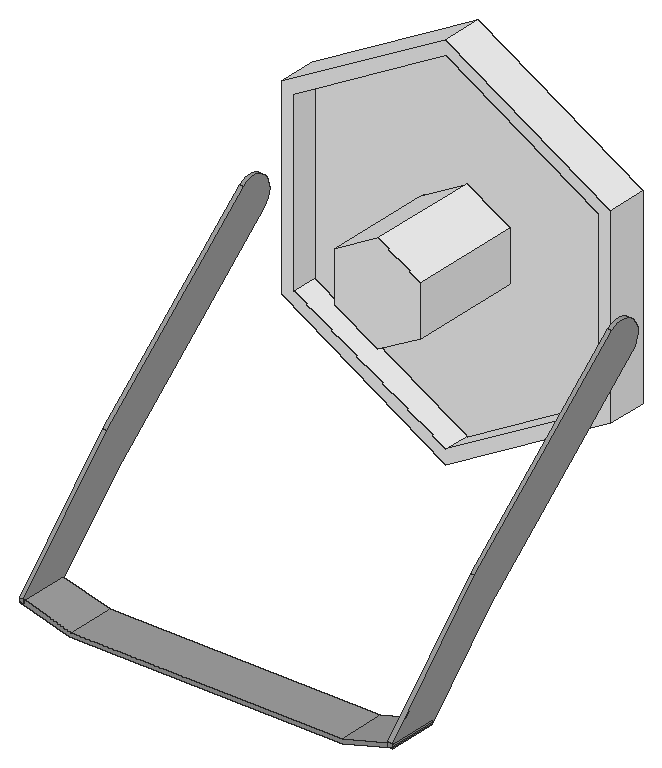
Revit family "Lighting-Floodlights-GEWISS-ESALITE-FL-LED_16K_DALI", category Apparecchi per illuminazione, host Superficie, Revit 2019 (continued)
Types (12, lengths in mm): name | Versions | Technical sheet | Optic | Numero poli | Nominal flux (lm) | built-in parameter 1150142 | Modello | Lumen output (lm) | IDT | File diagramma fotometrico | Descrizione | Colour temperature:
  GWS6433GD - ESALITE 16K 60° 4000K PRO+V.GR.DALI | "4000K natural light" | "https://www.gewiss.com/ww/en/search?q=GWS6433GD" | "60°" | 1 | "17000" | "IESNA:LM-63-2002\r\n[TEST] GWS6433GD\r\n[TESTLAB] GEWISS\r\n[TESTDATE] 31 Aug 2018\r\n[ISSUEDATE] 31 Aug 2018\r\n[MANUFAC] GEWISS\r\n[LUMCAT] GWS6433GD\r\n[LUMINAIRE] ESALITE FL 16K+GLAS 60° GR. DALI LED840\r\n[FLASHAREA] 0.030706\r\n[LAMPCAT] LED 125W/4000K - 13600lm\r\n[LAMP] LED 125W/4000K - 13600lm\r\nTILT=NONE\r\n1 13600.00 1.0 39 19 1 2 -0.402 -0.402 0.000\r\n1.00 1.00 125.00\r\n0.00 1.00 2.00 3.00 4.00 5.00 6.00 7.00 8.00 9.00 10.00 \r\n11.00 12.00 13.00 14.00 15.00 16.00 17.00 18.00 19.00 \r\n20.00 22.50 25.00 27.50 30.00 32.50 35.00 37.50 40.00 \r\n45.00 50.00 55.00 60.00 65.00 70.00 75.00 80.00 85.00 \r\n90.00 \r\n0.00 5.00 10.00 15.00 20.00 25.00 30.00 35.00 40.00 45.00 \r\n50.00 55.00 60.00 65.00 70.00 75.00 80.00 85.00 90.00 \r\n9824.50 9811.31 9775.82 9737.46 9736.10 9797.03 9927.59 \r\n10102.35 10290.58 10508.31 10734.89 10971.80 11198.24 \r\n11442.63 11685.39 11947.46 12227.35 12526.55 12870.09 \r\n13225.32 13531.59 13220.29 10438.00 6342.50 4095.37 \r\n2605.90 1570.66 1406.10 1362.99 1258.22 1096.65 1009.72 \r\n915.21 822.79 712.29 748.44 533.35 122.09 3.43 \r\n9824.50 9812.94 9777.72 9740.46 9736.92 9799.48 9931.13 \r\n10105.34 10294.11 10515.38 10744.41 10982.41 11207.76 \r\n11450.11 11693.82 11956.71 12240.27 12541.38 12885.05 \r\n13241.91 13548.59 13225.73 10418.01 6313.12 4082.86 \r\n2589.98 1559.51 1396.18 1351.64 1230.15 1074.41 1001.86 \r\n909.36 816.37 707.27 743.63 536.74 123.80 3.41 \r\n9824.50 9812.13 9778.26 9740.05 9738.69 9800.43 9930.58 \r\n10105.62 10297.38 10514.98 10747.26 10983.90 11210.34 \r\n11452.97 11697.63 11960.79 12243.81 12546.68 12889.26 \r\n13248.58 13558.79 13245.31 10441.67 6334.34 4090.88 \r\n2603.18 1562.10 1398.08 1354.27 1228.30 1071.60 1001.84 \r\n910.10 816.90 706.48 738.62 541.01 111.62 3.39 \r\n9824.50 9810.50 9778.54 9738.28 9736.10 9797.17 9925.14 \r\n10100.58 10291.80 10511.98 10742.50 10979.69 11205.04 \r\n11445.90 11689.88 11950.18 12234.29 12535.39 12878.25 \r\n13238.24 13550.50 13241.50 10433.24 6331.07 4095.64 \r\n2613.51 1569.17 1405.42 1363.26 1238.69 1082.74 1009.77 \r\n917.33 821.47 705.89 721.17 514.68 113.75 3.41 \r\n9824.50 9811.99 9779.62 9741.27 9739.64 9802.06 9931.40 \r\n10108.47 10300.37 10521.78 10754.06 10987.98 11213.06 \r\n11453.51 11696.95 11956.44 12239.59 12541.10 12883.69 \r\n13248.58 13566.41 13250.62 10419.37 6321.69 4095.91 \r\n2609.43 1561.82 1399.03 1362.31 1271.18 1102.17 1017.52 \r\n908.70 817.31 700.32 693.68 450.51 98.94 3.30 \r\n9824.50 9809.14 9775.82 9737.33 9733.79 9795.54 9922.70 \r\n10098.00 10291.66 10512.12 10742.91 10975.88 11200.69 \r\n11439.50 11682.13 11939.58 12221.50 12524.24 12869.95 \r\n13238.65 13559.47 13255.65 10428.75 6337.19 4108.02 \r\n2620.72 1571.34 1407.74 1374.14 1297.52 1119.17 1025.66 \r\n910.71 822.68 699.57 686.00 436.93 77.67 3.27 \r\n9824.50 9812.67 9778.67 9740.86 9737.19 9798.39 9927.59 \r\n10102.62 10296.97 10518.65 10749.17 10982.82 11207.49 \r\n11444.67 11684.17 11939.85 12222.18 12528.86 12875.39 \r\n13244.22 13566.68 13255.10 10414.20 6329.44 4101.08 \r\n2616.23 1566.99 1404.34 1369.66 1272.09 1104.46 1019.93 \r\n907.54 819.24 696.21 684.50 444.39 76.39 3.15 \r\n9824.50 9813.62 9781.12 9742.77 9738.55 9801.11 9931.81 \r\n10109.97 10305.13 10528.30 10758.01 10992.88 11215.92 \r\n11450.79 11690.15 11944.34 12228.30 12532.94 12883.42 \r\n13253.06 13575.66 13263.94 10413.52 6333.25 4106.25 \r\n2614.19 1566.31 1405.70 1374.42 1299.89 1121.22 1023.55 \r\n908.56 822.17 698.75 688.54 443.81 76.80 3.09 \r\n9824.50 9812.67 9777.99 9739.50 9734.34 9797.85 9930.18 \r\n10107.52 10307.17 10528.85 10761.00 10996.82 11218.50 \r\n11450.66 11687.16 11939.98 12223.00 12531.18 12880.15 \r\n13254.15 13582.46 13273.60 10421.14 6341.00 4114.82 \r\n2610.52 1561.42 1401.48 1368.43 1277.96 1107.73 1019.03 \r\n908.30 819.98 703.34 697.35 461.14 93.94 2.93 \r\n9824.50 9815.80 9781.26 9743.04 9738.01 9800.98 9932.35 \r\n10114.46 10314.92 10537.42 10770.93 11004.44 11224.62 \r\n11455.82 11689.34 11939.03 12221.91 12528.32 12877.43 \r\n13249.39 13575.93 13264.08 10400.33 6323.46 4114.14 \r\n2607.66 1556.93 1398.22 1359.77 1233.76 1077.56 1000.66 \r\n907.81 817.47 706.71 724.77 507.58 112.37 2.78 \r\n9824.50 9815.66 9783.02 9742.22 9738.42 9801.38 9936.43 \r\n10119.62 10321.31 10549.11 10785.75 11018.72 11239.86 \r\n11469.97 11702.12 11952.22 12236.33 12542.06 12892.94 \r\n13267.75 13594.97 13280.94 10405.90 6325.90 4128.82 \r\n2616.91 1564.41 1405.83 1365.98 1235.48 1078.83 1003.90 \r\n909.08 819.45 713.51 746.93 541.61 108.39 2.63 \r\n9824.50 9815.66 9779.49 9740.18 9735.15 9798.94 9933.98 \r\n10118.54 10322.26 10553.46 10789.70 11022.26 11244.48 \r\n11474.73 11707.29 11954.67 12237.69 12542.19 12892.53 \r\n13267.34 13595.24 13283.66 10412.30 6334.74 4137.39 \r\n2619.63 1563.59 1405.70 1366.12 1238.13 1082.00 1004.96 \r\n908.51 818.50 713.36 749.31 536.11 119.89 2.42 \r\n9824.50 9814.17 9779.49 9739.50 9732.70 9796.08 9931.67 \r\n10117.45 10323.35 10553.46 10791.06 11023.62 11245.02 \r\n11473.10 11704.84 11949.78 12229.53 12533.49 12884.78 \r\n13263.40 13594.15 13261.22 10381.83 6309.18 4135.35 \r\n2610.52 1558.15 1401.62 1364.76 1257.01 1094.45 1001.99 \r\n904.90 817.32 712.94 752.23 526.01 117.35 2.19 \r\n9824.50 9814.30 9780.98 9741.14 9734.61 9801.93 9938.06 \r\n10123.57 10332.06 10563.26 10801.26 11036.13 11257.13 \r\n11485.47 11717.49 11966.50 12245.85 12550.35 12904.22 \r\n13286.93 13620.40 13273.19 10393.12 6315.57 4146.64 \r\n2609.70 1555.84 1400.26 1361.36 1235.98 1077.70 998.35 \r\n904.56 815.28 711.80 747.02 536.08 118.72 1.98 \r\n9824.50 9814.30 9780.44 9739.10 9734.06 9799.07 9933.58 \r\n10123.30 10330.70 10563.12 10803.70 11038.98 11259.58 \r\n11488.33 11717.76 11964.19 12243.13 12546.41 12902.05 \r\n13284.21 13620.40 13275.64 10395.43 6311.22 4150.45 \r\n2603.18 1547.27 1393.73 1354.34 1232.00 1072.96 996.21 \r\n904.11 814.67 710.30 742.34 544.98 107.97 1.73 \r\n9824.50 9812.67 9779.49 9736.65 9731.48 9796.49 9933.85 \r\n10124.52 10332.74 10566.93 10806.15 11044.70 11266.24 \r\n11497.44 11727.82 11977.38 12256.59 12557.97 12919.86 \r\n13306.10 13642.16 13296.86 10419.50 6329.58 4170.30 \r\n2611.74 1544.55 1391.14 1350.78 1235.72 1076.09 996.99 \r\n904.89 815.31 703.87 720.64 508.60 112.50 1.51 \r\n9824.50 9814.98 9780.30 9735.42 9731.75 9797.58 9934.80 \r\n10124.38 10333.82 10566.79 10804.93 11042.25 11262.02 \r\n11490.50 11719.80 11971.26 12253.60 12558.24 12917.28 \r\n13299.17 13631.28 13270.74 10395.98 6312.71 4174.11 \r\n2607.26 1537.21 1387.47 1353.19 1279.11 1100.99 1013.24 \r\n901.98 818.42 700.01 690.10 478.12 93.60 1.32 \r\n9824.50 9817.16 9782.34 9737.87 9734.88 9801.38 9936.16 \r\n10128.60 10337.22 10573.46 10811.05 11049.46 11267.87 \r\n11496.62 11727.69 11978.61 12259.18 12565.72 12924.08 \r\n13309.10 13640.80 13284.07 10409.85 6319.65 4180.64 \r\n2610.52 1539.11 1390.46 1358.52 1302.92 1117.89 1019.84 \r\n901.61 821.51 700.48 683.66 463.46 77.28 1.20 \r\n9824.50 9815.53 9781.12 9734.74 9731.62 9795.81 9933.30 \r\n10124.79 10335.73 10570.74 10808.74 11046.74 11263.66 \r\n11492.68 11723.20 11974.66 12256.05 12559.87 12919.05 \r\n13305.15 13638.08 13284.34 10430.38 6337.19 4189.07 \r\n2616.37 1545.91 1396.86 1364.08 1277.79 1110.58 1020.03 \r\n906.44 822.19 697.23 676.06 431.90 78.22 1.16 \r\n" | "GWS6433GD" | "13600" | "630c9dfd58154fe886bbf92aa9618dce" | "GWS6433GD.IES" | "ESALITE 16K 60° 4000K PRO+V.GR.DALI" | "4000 K (CRI>80)"
  GWS6433GD30K - ESALITE 16K 60° 3000K PRO+V.GR.DALI | "3000K warm light" | "https://www.gewiss.com/ww/en/search?q=GWS6433GD30K" | "60°" | 1 | "16000" | "IESNA:LM-63-2002\r\n[TEST] GWS6433GD30K\r\n[TESTLAB] GEWISS\r\n[TESTDATE] 31 Aug 2018\r\n[ISSUEDATE] 31 Aug 2018\r\n[MANUFAC] GEWISS\r\n[LUMCAT] GWS6433GD30K\r\n[LUMINAIRE] ESALITE FL 16K+GLAS 60° GR. DALI LED830\r\n[FLASHAREA] 0.030706\r\n[LAMPCAT] LED 125W/3000K - 12600lm\r\n[LAMP] LED 125W/3000K - 12600lm\r\nTILT=NONE\r\n1 12600.00 1.0 39 19 1 2 -0.402 -0.402 0.000\r\n1.00 1.00 125.00\r\n0.00 1.00 2.00 3.00 4.00 5.00 6.00 7.00 8.00 9.00 10.00 \r\n11.00 12.00 13.00 14.00 15.00 16.00 17.00 18.00 19.00 \r\n20.00 22.50 25.00 27.50 30.00 32.50 35.00 37.50 40.00 \r\n45.00 50.00 55.00 60.00 65.00 70.00 75.00 80.00 85.00 \r\n90.00 \r\n0.00 5.00 10.00 15.00 20.00 25.00 30.00 35.00 40.00 45.00 \r\n50.00 55.00 60.00 65.00 70.00 75.00 80.00 85.00 90.00 \r\n9102.11 9089.89 9057.01 9021.47 9020.21 9076.66 9197.62 \r\n9359.53 9533.92 9735.64 9945.56 10165.05 10374.84 \r\n10601.26 10826.17 11068.97 11328.28 11605.48 11923.76 \r\n12252.87 12536.62 12248.21 9670.50 5876.14 3794.24 \r\n2414.29 1455.17 1302.71 1262.77 1165.70 1016.01 935.47 \r\n847.92 762.29 659.91 693.40 494.13 113.11 3.18 \r\n9102.11 9091.40 9058.77 9024.25 9020.97 9078.93 9200.90 \r\n9362.30 9537.19 9742.19 9954.38 10174.88 10383.66 \r\n10608.19 10833.98 11077.54 11340.25 11619.22 11937.62 \r\n12268.24 12552.37 12253.25 9651.98 5848.92 3782.65 \r\n2399.54 1444.84 1293.52 1252.25 1139.70 995.41 928.19 \r\n842.50 756.34 655.26 688.96 497.27 114.70 3.16 \r\n9102.11 9090.65 9059.27 9023.87 9022.61 9079.81 9200.39 \r\n9362.56 9540.22 9741.82 9957.02 10176.26 10386.05 \r\n10610.84 10837.51 11081.32 11343.53 11624.13 11941.52 \r\n12274.42 12561.82 12271.39 9673.90 5868.58 3790.08 \r\n2411.77 1447.24 1295.28 1254.70 1137.98 992.80 928.18 \r\n843.18 756.83 654.53 684.31 501.23 103.41 3.14 \r\n9102.11 9089.14 9059.53 9022.23 9020.21 9076.79 9195.35 \r\n9357.89 9535.05 9739.04 9952.61 10172.36 10381.14 \r\n10604.29 10830.33 11071.49 11334.71 11613.67 11931.32 \r\n12264.84 12554.14 12267.86 9666.09 5865.55 3794.49 \r\n2421.34 1453.79 1302.08 1263.02 1147.61 1003.12 935.52 \r\n849.88 761.07 653.99 668.14 476.83 105.39 3.16 \r\n9102.11 9090.52 9060.53 9025.00 9023.49 9081.32 9201.15 \r\n9365.20 9542.99 9748.12 9963.32 10180.04 10388.57 \r\n10611.34 10836.88 11077.29 11339.62 11618.96 11936.36 \r\n12274.42 12568.88 12276.31 9653.24 5856.86 3794.74 \r\n2417.56 1446.98 1296.16 1262.14 1177.71 1021.13 942.71 \r\n841.88 757.21 648.82 642.68 417.39 91.66 3.06 \r\n9102.11 9087.88 9057.01 9021.35 9018.07 9075.28 9193.09 \r\n9355.50 9534.92 9739.17 9952.99 10168.83 10377.11 \r\n10598.36 10823.15 11061.67 11322.86 11603.34 11923.63 \r\n12265.22 12562.45 12280.97 9661.93 5871.22 3805.96 \r\n2428.02 1455.80 1304.23 1273.10 1202.12 1036.88 950.24 \r\n843.75 762.19 648.13 635.56 404.80 71.96 3.03 \r\n9102.11 9091.15 9059.65 9024.62 9021.22 9077.92 9197.62 \r\n9359.78 9539.84 9745.22 9958.79 10175.26 10383.41 \r\n10603.15 10825.04 11061.92 11323.49 11607.62 11928.67 \r\n12270.38 12569.13 12280.46 9648.45 5864.04 3799.53 \r\n2423.86 1451.77 1301.08 1268.95 1178.55 1023.25 944.94 \r\n840.81 759.00 645.02 634.17 411.72 70.77 2.92 \r\n9102.11 9092.03 9061.92 9026.39 9022.48 9080.44 9201.53 \r\n9366.59 9547.40 9754.16 9966.98 10184.58 10391.22 \r\n10608.82 10830.58 11066.08 11329.16 11611.40 11936.11 \r\n12278.57 12577.45 12288.65 9647.82 5867.57 3804.32 \r\n2421.97 1451.14 1302.34 1273.36 1204.31 1038.78 948.29 \r\n841.76 761.72 647.38 637.91 411.18 71.15 2.87 \r\n9102.11 9091.15 9059.02 9023.36 9018.58 9077.42 9200.02 \r\n9364.32 9549.29 9754.67 9969.75 10188.23 10393.61 \r\n10608.70 10827.81 11062.04 11324.25 11609.77 11933.08 \r\n12279.58 12583.75 12297.60 9654.88 5874.75 3812.26 \r\n2418.57 1446.61 1298.43 1267.81 1184.00 1026.28 944.11 \r\n841.52 759.69 651.62 646.08 427.23 87.04 2.72 \r\n9102.11 9094.05 9062.05 9026.64 9021.98 9080.32 9202.03 \r\n9370.75 9556.47 9762.61 9978.95 10195.29 10399.28 \r\n10613.48 10829.83 11061.16 11323.24 11607.12 11930.56 \r\n12275.17 12577.70 12288.78 9635.60 5858.50 3811.63 \r\n2415.92 1442.45 1295.41 1259.79 1143.05 998.32 927.08 \r\n841.06 757.36 654.75 671.48 470.26 104.11 2.58 \r\n9102.11 9093.92 9063.68 9025.88 9022.36 9080.69 9205.81 \r\n9375.53 9562.39 9773.44 9992.68 10208.52 10413.40 \r\n10626.59 10841.67 11073.38 11336.60 11619.85 11944.93 \r\n12292.18 12595.34 12304.40 9640.76 5860.76 3825.23 \r\n2424.49 1449.38 1302.46 1265.54 1144.63 999.51 930.08 \r\n842.23 759.20 661.05 692.00 501.78 100.42 2.43 \r\n9102.11 9093.92 9060.41 9023.99 9019.33 9078.43 9203.54 \r\n9374.53 9563.27 9777.47 9996.34 10211.80 10417.68 \r\n10631.00 10846.46 11075.65 11337.86 11619.97 11944.55 \r\n12291.80 12595.59 12306.92 9646.69 5868.95 3833.17 \r\n2427.01 1448.62 1302.34 1265.67 1147.09 1002.44 931.06 \r\n841.71 758.32 660.91 694.21 496.69 111.08 2.24 \r\n9102.11 9092.54 9060.41 9023.36 9017.06 9075.78 9201.40 \r\n9373.52 9564.28 9777.47 9997.60 10213.06 10418.18 \r\n10629.49 10844.19 11071.12 11330.30 11611.91 11937.37 \r\n12288.15 12594.58 12286.13 9618.46 5845.27 3831.28 \r\n2418.57 1443.58 1298.56 1264.41 1164.58 1013.97 928.32 \r\n838.37 757.22 660.52 696.92 487.33 108.72 2.03 \r\n9102.11 9092.66 9061.79 9024.88 9018.83 9081.20 9207.32 \r\n9379.19 9572.35 9786.55 10007.05 10224.65 10429.40 \r\n10640.95 10855.91 11086.61 11345.42 11627.53 11955.38 \r\n12309.95 12618.90 12297.22 9628.92 5851.19 3841.74 \r\n2417.81 1441.44 1297.30 1261.26 1145.10 998.46 924.94 \r\n838.05 755.33 659.46 692.09 496.67 109.99 1.83 \r\n9102.11 9092.66 9061.29 9022.99 9018.32 9078.55 9203.17 \r\n9378.94 9571.09 9786.42 10009.31 10227.29 10431.67 \r\n10643.60 10856.16 11084.47 11342.90 11623.88 11953.37 \r\n12307.43 12618.90 12299.49 9631.06 5847.16 3845.27 \r\n2411.77 1433.50 1291.25 1254.76 1141.41 994.06 922.96 \r\n837.64 754.77 658.07 687.76 504.91 100.03 1.61 \r\n9102.11 9091.15 9060.41 9020.72 9015.93 9076.16 9203.42 \r\n9380.07 9572.98 9789.95 10011.58 10232.59 10437.84 \r\n10652.04 10865.48 11096.69 11355.37 11634.59 11969.87 \r\n12327.71 12639.06 12319.15 9653.36 5864.17 3863.66 \r\n2419.70 1430.98 1288.85 1251.46 1144.86 996.96 923.68 \r\n838.35 755.36 652.11 667.65 471.20 104.22 1.40 \r\n9102.11 9093.29 9061.16 9019.58 9016.18 9077.17 9204.30 \r\n9379.94 9573.98 9789.82 10010.45 10230.32 10433.93 \r\n10645.61 10858.05 11091.02 11352.60 11634.84 11967.48 \r\n12321.29 12628.98 12294.95 9631.57 5848.54 3867.19 \r\n2415.55 1424.18 1285.45 1253.69 1185.06 1020.03 938.74 \r\n835.66 758.24 648.53 639.36 442.97 86.71 1.23 \r\n9102.11 9095.31 9063.05 9021.85 9019.08 9080.69 9205.56 \r\n9383.85 9577.13 9796.00 10016.12 10237.00 10439.35 \r\n10651.28 10865.36 11097.83 11357.77 11641.77 11973.78 \r\n12330.49 12637.80 12307.30 9644.42 5854.97 3873.24 \r\n2418.57 1425.94 1288.22 1258.63 1207.12 1035.69 944.85 \r\n835.32 761.10 648.98 633.39 429.38 71.60 1.11 \r\n9102.11 9093.80 9061.92 9018.95 9016.06 9075.53 9202.91 \r\n9380.32 9575.75 9793.48 10013.98 10234.48 10435.45 \r\n10647.63 10861.20 11094.17 11354.87 11636.35 11969.12 \r\n12326.83 12635.28 12307.55 9663.44 5871.22 3881.05 \r\n2423.99 1432.24 1294.15 1263.78 1183.83 1028.92 945.03 \r\n839.79 761.73 645.96 626.35 400.14 72.47 1.08 \r\n" | "GWS6433GD30K" | "12600" | "bf884d5471ea4052a9ba9a0593ca3d0e" | "GWS6433GD30K.IES" | "ESALITE 16K 60° 3000K PRO+V.GR.DALI" | "3000 K (CRI>80)"
  GWS6433GD57K - ESALITE 16K 60° 5700K PRO+V.GR.DALI | "5700K cold light" | "https://www.gewiss.com/ww/en/search?q=GWS6433GD57K" | "60°" | 1 | "17000" | "IESNA:LM-63-2002\r\n[TEST] GWS6433GD57K\r\n[TESTLAB] GEWISS\r\n[TESTDATE] 31 Aug 2018\r\n[ISSUEDATE] 31 Aug 2018\r\n[MANUFAC] GEWISS\r\n[LUMCAT] GWS6433GD57K\r\n[LUMINAIRE] ESALITE FL 16K+GLAS 60° GR. DALI LED857\r\n[FLASHAREA] 0.030706\r\n[LAMPCAT] LED 125W/5700K - 13600lm\r\n[LAMP] LED 125W/5700K - 13600lm\r\nTILT=NONE\r\n1 13600.00 1.0 39 19 1 2 -0.402 -0.402 0.000\r\n1.00 1.00 125.00\r\n0.00 1.00 2.00 3.00 4.00 5.00 6.00 7.00 8.00 9.00 10.00 \r\n11.00 12.00 13.00 14.00 15.00 16.00 17.00 18.00 19.00 \r\n20.00 22.50 25.00 27.50 30.00 32.50 35.00 37.50 40.00 \r\n45.00 50.00 55.00 60.00 65.00 70.00 75.00 80.00 85.00 \r\n90.00 \r\n0.00 5.00 10.00 15.00 20.00 25.00 30.00 35.00 40.00 45.00 \r\n50.00 55.00 60.00 65.00 70.00 75.00 80.00 85.00 90.00 \r\n9824.50 9811.31 9775.82 9737.46 9736.10 9797.03 9927.59 \r\n10102.35 10290.58 10508.31 10734.89 10971.80 11198.24 \r\n11442.63 11685.39 11947.46 12227.35 12526.55 12870.09 \r\n13225.32 13531.59 13220.29 10438.00 6342.50 4095.37 \r\n2605.90 1570.66 1406.10 1362.99 1258.22 1096.65 1009.72 \r\n915.21 822.79 712.29 748.44 533.35 122.09 3.43 \r\n9824.50 9812.94 9777.72 9740.46 9736.92 9799.48 9931.13 \r\n10105.34 10294.11 10515.38 10744.41 10982.41 11207.76 \r\n11450.11 11693.82 11956.71 12240.27 12541.38 12885.05 \r\n13241.91 13548.59 13225.73 10418.01 6313.12 4082.86 \r\n2589.98 1559.51 1396.18 1351.64 1230.15 1074.41 1001.86 \r\n909.36 816.37 707.27 743.63 536.74 123.80 3.41 \r\n9824.50 9812.13 9778.26 9740.05 9738.69 9800.43 9930.58 \r\n10105.62 10297.38 10514.98 10747.26 10983.90 11210.34 \r\n11452.97 11697.63 11960.79 12243.81 12546.68 12889.26 \r\n13248.58 13558.79 13245.31 10441.67 6334.34 4090.88 \r\n2603.18 1562.10 1398.08 1354.27 1228.30 1071.60 1001.84 \r\n910.10 816.90 706.48 738.62 541.01 111.62 3.39 \r\n9824.50 9810.50 9778.54 9738.28 9736.10 9797.17 9925.14 \r\n10100.58 10291.80 10511.98 10742.50 10979.69 11205.04 \r\n11445.90 11689.88 11950.18 12234.29 12535.39 12878.25 \r\n13238.24 13550.50 13241.50 10433.24 6331.07 4095.64 \r\n2613.51 1569.17 1405.42 1363.26 1238.69 1082.74 1009.77 \r\n917.33 821.47 705.89 721.17 514.68 113.75 3.41 \r\n9824.50 9811.99 9779.62 9741.27 9739.64 9802.06 9931.40 \r\n10108.47 10300.37 10521.78 10754.06 10987.98 11213.06 \r\n11453.51 11696.95 11956.44 12239.59 12541.10 12883.69 \r\n13248.58 13566.41 13250.62 10419.37 6321.69 4095.91 \r\n2609.43 1561.82 1399.03 1362.31 1271.18 1102.17 1017.52 \r\n908.70 817.31 700.32 693.68 450.51 98.94 3.30 \r\n9824.50 9809.14 9775.82 9737.33 9733.79 9795.54 9922.70 \r\n10098.00 10291.66 10512.12 10742.91 10975.88 11200.69 \r\n11439.50 11682.13 11939.58 12221.50 12524.24 12869.95 \r\n13238.65 13559.47 13255.65 10428.75 6337.19 4108.02 \r\n2620.72 1571.34 1407.74 1374.14 1297.52 1119.17 1025.66 \r\n910.71 822.68 699.57 686.00 436.93 77.67 3.27 \r\n9824.50 9812.67 9778.67 9740.86 9737.19 9798.39 9927.59 \r\n10102.62 10296.97 10518.65 10749.17 10982.82 11207.49 \r\n11444.67 11684.17 11939.85 12222.18 12528.86 12875.39 \r\n13244.22 13566.68 13255.10 10414.20 6329.44 4101.08 \r\n2616.23 1566.99 1404.34 1369.66 1272.09 1104.46 1019.93 \r\n907.54 819.24 696.21 684.50 444.39 76.39 3.15 \r\n9824.50 9813.62 9781.12 9742.77 9738.55 9801.11 9931.81 \r\n10109.97 10305.13 10528.30 10758.01 10992.88 11215.92 \r\n11450.79 11690.15 11944.34 12228.30 12532.94 12883.42 \r\n13253.06 13575.66 13263.94 10413.52 6333.25 4106.25 \r\n2614.19 1566.31 1405.70 1374.42 1299.89 1121.22 1023.55 \r\n908.56 822.17 698.75 688.54 443.81 76.80 3.09 \r\n9824.50 9812.67 9777.99 9739.50 9734.34 9797.85 9930.18 \r\n10107.52 10307.17 10528.85 10761.00 10996.82 11218.50 \r\n11450.66 11687.16 11939.98 12223.00 12531.18 12880.15 \r\n13254.15 13582.46 13273.60 10421.14 6341.00 4114.82 \r\n2610.52 1561.42 1401.48 1368.43 1277.96 1107.73 1019.03 \r\n908.30 819.98 703.34 697.35 461.14 93.94 2.93 \r\n9824.50 9815.80 9781.26 9743.04 9738.01 9800.98 9932.35 \r\n10114.46 10314.92 10537.42 10770.93 11004.44 11224.62 \r\n11455.82 11689.34 11939.03 12221.91 12528.32 12877.43 \r\n13249.39 13575.93 13264.08 10400.33 6323.46 4114.14 \r\n2607.66 1556.93 1398.22 1359.77 1233.76 1077.56 1000.66 \r\n907.81 817.47 706.71 724.77 507.58 112.37 2.78 \r\n9824.50 9815.66 9783.02 9742.22 9738.42 9801.38 9936.43 \r\n10119.62 10321.31 10549.11 10785.75 11018.72 11239.86 \r\n11469.97 11702.12 11952.22 12236.33 12542.06 12892.94 \r\n13267.75 13594.97 13280.94 10405.90 6325.90 4128.82 \r\n2616.91 1564.41 1405.83 1365.98 1235.48 1078.83 1003.90 \r\n909.08 819.45 713.51 746.93 541.61 108.39 2.63 \r\n9824.50 9815.66 9779.49 9740.18 9735.15 9798.94 9933.98 \r\n10118.54 10322.26 10553.46 10789.70 11022.26 11244.48 \r\n11474.73 11707.29 11954.67 12237.69 12542.19 12892.53 \r\n13267.34 13595.24 13283.66 10412.30 6334.74 4137.39 \r\n2619.63 1563.59 1405.70 1366.12 1238.13 1082.00 1004.96 \r\n908.51 818.50 713.36 749.31 536.11 119.89 2.42 \r\n9824.50 9814.17 9779.49 9739.50 9732.70 9796.08 9931.67 \r\n10117.45 10323.35 10553.46 10791.06 11023.62 11245.02 \r\n11473.10 11704.84 11949.78 12229.53 12533.49 12884.78 \r\n13263.40 13594.15 13261.22 10381.83 6309.18 4135.35 \r\n2610.52 1558.15 1401.62 1364.76 1257.01 1094.45 1001.99 \r\n904.90 817.32 712.94 752.23 526.01 117.35 2.19 \r\n9824.50 9814.30 9780.98 9741.14 9734.61 9801.93 9938.06 \r\n10123.57 10332.06 10563.26 10801.26 11036.13 11257.13 \r\n11485.47 11717.49 11966.50 12245.85 12550.35 12904.22 \r\n13286.93 13620.40 13273.19 10393.12 6315.57 4146.64 \r\n2609.70 1555.84 1400.26 1361.36 1235.98 1077.70 998.35 \r\n904.56 815.28 711.80 747.02 536.08 118.72 1.98 \r\n9824.50 9814.30 9780.44 9739.10 9734.06 9799.07 9933.58 \r\n10123.30 10330.70 10563.12 10803.70 11038.98 11259.58 \r\n11488.33 11717.76 11964.19 12243.13 12546.41 12902.05 \r\n13284.21 13620.40 13275.64 10395.43 6311.22 4150.45 \r\n2603.18 1547.27 1393.73 1354.34 1232.00 1072.96 996.21 \r\n904.11 814.67 710.30 742.34 544.98 107.97 1.73 \r\n9824.50 9812.67 9779.49 9736.65 9731.48 9796.49 9933.85 \r\n10124.52 10332.74 10566.93 10806.15 11044.70 11266.24 \r\n11497.44 11727.82 11977.38 12256.59 12557.97 12919.86 \r\n13306.10 13642.16 13296.86 10419.50 6329.58 4170.30 \r\n2611.74 1544.55 1391.14 1350.78 1235.72 1076.09 996.99 \r\n904.89 815.31 703.87 720.64 508.60 112.50 1.51 \r\n9824.50 9814.98 9780.30 9735.42 9731.75 9797.58 9934.80 \r\n10124.38 10333.82 10566.79 10804.93 11042.25 11262.02 \r\n11490.50 11719.80 11971.26 12253.60 12558.24 12917.28 \r\n13299.17 13631.28 13270.74 10395.98 6312.71 4174.11 \r\n2607.26 1537.21 1387.47 1353.19 1279.11 1100.99 1013.24 \r\n901.98 818.42 700.01 690.10 478.12 93.60 1.32 \r\n9824.50 9817.16 9782.34 9737.87 9734.88 9801.38 9936.16 \r\n10128.60 10337.22 10573.46 10811.05 11049.46 11267.87 \r\n11496.62 11727.69 11978.61 12259.18 12565.72 12924.08 \r\n13309.10 13640.80 13284.07 10409.85 6319.65 4180.64 \r\n2610.52 1539.11 1390.46 1358.52 1302.92 1117.89 1019.84 \r\n901.61 821.51 700.48 683.66 463.46 77.28 1.20 \r\n9824.50 9815.53 9781.12 9734.74 9731.62 9795.81 9933.30 \r\n10124.79 10335.73 10570.74 10808.74 11046.74 11263.66 \r\n11492.68 11723.20 11974.66 12256.05 12559.87 12919.05 \r\n13305.15 13638.08 13284.34 10430.38 6337.19 4189.07 \r\n2616.37 1545.91 1396.86 1364.08 1277.79 1110.58 1020.03 \r\n906.44 822.19 697.23 676.06 431.90 78.22 1.16 \r\n" | "GWS6433GD57K" | "13600" | "5e48089b8b664c57a2d3970d667642dd" | "GWS6433GD57K.IES" | "ESALITE 16K 60° 5700K PRO+V.GR.DALI" | "5700 K (CRI>80)"
